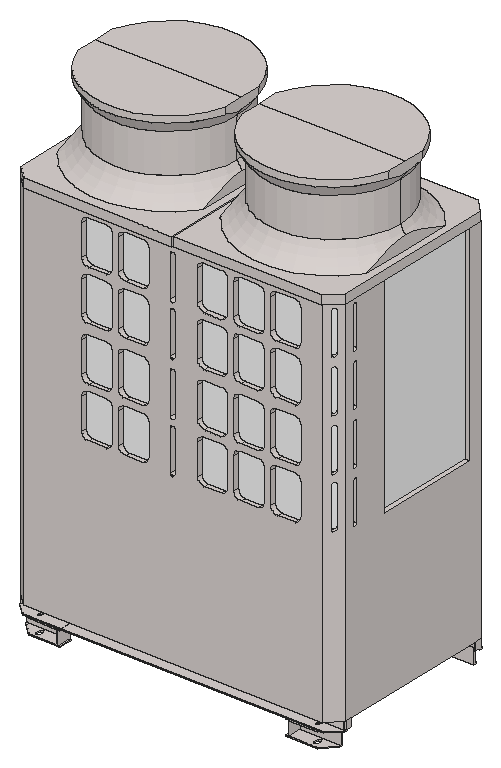
Revit family "PURY-EP450YNW-A1", category 機械設備, Revit 2016
Family settings
  パーツ タイプ = 標準
  丸型コネクタ寸法 = 半径を使用
  OmniClass 番号 = 23.75.00.00
  OmniClass タイトル = Climate Control (HVAC)
  作業面に基づく = いいえ
  常に垂直 = はい
  ロード時にボイドで切り取り = いいえ
  共有 = いいえ
  部屋の計算ポイント = いいえ
Parameters (values of type "PURY-EP450YNW-A1_415V_60Hz")
  モデル = "PURY-EP450YNW-A1"
  Width = 1240.000 mm
  WarrantyStart = ""
  Voltage = 415 V
  Unit Weight (kg) = 301
  URL = "http://www.mitsubishielectric.com/"
  製造元 = "Mitsubishi Electric Corporation"
  Temp. range of heating (Outdoor temp.) (W.B.) = "-20.0 to 15.5"
  Temp. range of heating (Indoor temp.) (D.B.) = "15.0 to 27.0"
  Temp. range of cooling (Outdoor temp.) (D.B.) = "-5.0 to 52.0"
  Temp. range of cooling (Indoor temp.) (W.B.) = "15.0 to 24.0"
  TagNumber = 0
  Subcategory = "HVAC"
  Space View = yes
  Sound Pressure Level (dB(A)) Heating mode = 70
  Sound Pressure Level (dB(A)) Cooling mode = 65.5
  SerialNumber = 0
  ReplacementYear = "0"
  Refrigerant type = "R410A"
  Refrigerant Charge (kg) = 10.8
  Protection Devices_Inverter circuit (COMP./FAN) = "Over-current protection"
  Protection Devices_High pressure (MPa) = "High pressure sensor, High pressure switch at 4.15"
  Phase = 3
  Outdoor unit Breaker size (A) = 60
  Note_1 = "Refrigerant pipe diameters may change depending on the installation condition. Please refer to the installation manual."
  Maximum Circuit Ampacity (A) = 34.6
  Low pressure pipe_radius = 14.290 mm
  InstallationDate = "0"
  Indoor Unit Total Capacity = "50 to 150% of outdoor unit capacity"
  Indoor Unit Model/Quantity = "P10 to P250/1 to 45"
  High pressure pipe_radius = 11.100 mm
  Hertz = 60 Hz
  Height = 1858.000 mm
  Heating SCOP (kW/kW) = 4.1
  Heating Rated Load Ampacity (A) = 22.5
  Heating Power Input (kW) = 14.62
  Heating Power Input (Nominal) (kW) = 12.16
  Heating Current Input (Nominal) (A) = 18.7
  Heating Current Input (A) = 22.5
  Heating Capacity (kW) = 56
  Heating Capacity (Nominal) (kW) = 50
  Heating Capacity (Max.) (kW) = 56
  Heating COP (kW/kW) = 3.83
  Heating COP (Nominal) (kW/kW) = 4.11
  Fan_Type = "Propeller Fan"
  Fan_Quantity = 2
  Fan Motor Output (kW) = 0.92
  External static pressure (Pa) = 0
  External Finish = "Pre-coated galvanized steel sheets (+powder coating for -BS type) <MUNSELL 5Y 8/1 or similar>"
  Equip_description = ""
  Equip_No. = 0
  Equip_ID = ""
  Description = ""
  Depth = 740.000 mm
  CreatedOn = ""
  CreatedBy = ""
  Cooling SEER (kW/kW) = 6.61
  Cooling Rated Load Ampacity (A) = 21.4
  Cooling Power Input (kW) = 13.85
  Cooling EER (kW/kW) = 3.61
  Cooling Current Input (A) = 21.4
  Cooling Capacity (kW) = 50
  Compressor_Type = "Inverter scroll hermetic compressor"
  Compressor_Quantity = 1
  Compressor_Lubricant = "MEL32"
  Compressor Motor Output (kW) = "11.7"
  Category = "0"
  Barcode = "0"
  AssetIdentifier = "0"
  Airflow Rate (m3/min) = 315
  Airflow Rate (m3/h) = 18900
Reference planes
  plane 1 "Center (Front/Back)": y = 0
  plane 2: z = 0
  plane 3 "Center (Left/Right)": x = 0
  plane 4: y = 370
  plane 5: z = 1858
  plane 6: y = -260
  plane 7: y = -204
  plane 8: y = -185
  plane 9: x = -620
  plane 10: x = 620
  plane 11: x = -620
  plane 12: z = 716
  plane 13: x = -524
  plane 14: z = 669
  plane 15: x = -50.5
  plane 16: x = 51
  plane 17: x = 489
  plane 18: x = 467
  plane 19 "132": x = 488
  plane 20 "100": z = 160
  plane 21: z = 185
  plane 22: x = 413
  plane 23: x = 364
  plane 24: z = 150
  plane 25: x = -287.25
  plane 26: x = -137.25
  plane 27: x = -272.25
  plane 28: y = -278
  plane 29: z = 1509
  plane 30: y = -370
  plane 31: x = -530
  plane 32: x = 530
  plane 33 "179": y = -191
Forms (mm)
  Extrusion 1, solid, material "Paint_5Y 8/1"
    sketch origin (-1, 0, 113) x (-1, 0, 0) y (0, -1, 0)
      loop
        line (569, -370) -> (619, -320) -> (619, 320) -> (569, 370) -> (-571, 370) -> (-621, 320) -> (-621, -320) -> (-571, -370) -> (569, -370)
    from -18 to 1408
  Extrusion 2, void
    sketch origin (524, -370, 113) x (1, 0, 0) y (0, 0, -1)
      loop
        arc (-60.8, -1393.5) -> (-42.557, -1385.943) -> (-35, -1367.7) r 25.8
        line (-35, -1367.7) -> (-35, -1248.5)
        arc (-35, -1248.5) -> (-42.557, -1230.257) -> (-60.8, -1222.7) r 25.8
        line (-60.8, -1222.7) -> (-126, -1222.7)
        arc (-126, -1222.7) -> (-144.243, -1230.257) -> (-151.8, -1248.5) r 25.8
        line (-151.8, -1248.5) -> (-151.8, -1367.7)
        arc (-151.8, -1367.7) -> (-144.243, -1385.943) -> (-126, -1393.5) r 25.8
        line (-126, -1393.5) -> (-60.8, -1393.5)
    from 0 to 20
  Extrusion 3, void
    sketch origin (524, -370, -81) x (1, 0, 0) y (0, 0, -1)
      loop
        arc (-60.8, -1393.5) -> (-42.557, -1385.943) -> (-35, -1367.7) r 25.8
        line (-35, -1367.7) -> (-35, -1248.5)
        arc (-35, -1248.5) -> (-42.557, -1230.257) -> (-60.8, -1222.7) r 25.8
        line (-60.8, -1222.7) -> (-126, -1222.7)
        arc (-126, -1222.7) -> (-144.243, -1230.257) -> (-151.8, -1248.5) r 25.8
        line (-151.8, -1248.5) -> (-151.8, -1367.7)
        arc (-151.8, -1367.7) -> (-144.243, -1385.943) -> (-126, -1393.5) r 25.8
        line (-126, -1393.5) -> (-60.8, -1393.5)
    from 0 to 20
  Extrusion 4, void
    sketch origin (524, -370, -287) x (1, 0, 0) y (0, 0, -1)
      loop
        arc (-60.8, -1393.5) -> (-42.557, -1385.943) -> (-35, -1367.7) r 25.8
        line (-35, -1367.7) -> (-35, -1248.5)
        arc (-35, -1248.5) -> (-42.557, -1230.257) -> (-60.8, -1222.7) r 25.8
        line (-60.8, -1222.7) -> (-126, -1222.7)
        arc (-126, -1222.7) -> (-144.243, -1230.257) -> (-151.8, -1248.5) r 25.8
        line (-151.8, -1248.5) -> (-151.8, -1367.7)
        arc (-151.8, -1367.7) -> (-144.243, -1385.943) -> (-126, -1393.5) r 25.8
        line (-126, -1393.5) -> (-60.8, -1393.5)
    from 0 to 20
  Extrusion 5, void
    sketch origin (524, -370, -481) x (1, 0, 0) y (0, 0, -1)
      loop
        arc (-60.8, -1393.5) -> (-42.557, -1385.943) -> (-35, -1367.7) r 25.8
        line (-35, -1367.7) -> (-35, -1248.5)
        arc (-35, -1248.5) -> (-42.557, -1230.257) -> (-60.8, -1222.7) r 25.8
        line (-60.8, -1222.7) -> (-126, -1222.7)
        arc (-126, -1222.7) -> (-144.243, -1230.257) -> (-151.8, -1248.5) r 25.8
        line (-151.8, -1248.5) -> (-151.8, -1367.7)
        arc (-151.8, -1367.7) -> (-144.243, -1385.943) -> (-126, -1393.5) r 25.8
        line (-126, -1393.5) -> (-60.8, -1393.5)
    from 0 to 20
  Extrusion 6, void
    sketch origin (384, -370, 113) x (1, 0, 0) y (0, 0, -1)
      loop
        arc (-60.8, -1393.5) -> (-42.557, -1385.943) -> (-35, -1367.7) r 25.8
        line (-35, -1367.7) -> (-35, -1248.5)
        arc (-35, -1248.5) -> (-42.557, -1230.257) -> (-60.8, -1222.7) r 25.8
        line (-60.8, -1222.7) -> (-126, -1222.7)
        arc (-126, -1222.7) -> (-144.243, -1230.257) -> (-151.8, -1248.5) r 25.8
        line (-151.8, -1248.5) -> (-151.8, -1367.7)
        arc (-151.8, -1367.7) -> (-144.243, -1385.943) -> (-126, -1393.5) r 25.8
        line (-126, -1393.5) -> (-60.8, -1393.5)
    from 0 to 20
  Extrusion 7, void
    sketch origin (384, -370, -81) x (1, 0, 0) y (0, 0, -1)
      loop
        arc (-60.8, -1393.5) -> (-42.557, -1385.943) -> (-35, -1367.7) r 25.8
        line (-35, -1367.7) -> (-35, -1248.5)
        arc (-35, -1248.5) -> (-42.557, -1230.257) -> (-60.8, -1222.7) r 25.8
        line (-60.8, -1222.7) -> (-126, -1222.7)
        arc (-126, -1222.7) -> (-144.243, -1230.257) -> (-151.8, -1248.5) r 25.8
        line (-151.8, -1248.5) -> (-151.8, -1367.7)
        arc (-151.8, -1367.7) -> (-144.243, -1385.943) -> (-126, -1393.5) r 25.8
        line (-126, -1393.5) -> (-60.8, -1393.5)
    from 0 to 20
  Extrusion 8, void
    sketch origin (384, -370, -287) x (1, 0, 0) y (0, 0, -1)
      loop
        arc (-60.8, -1393.5) -> (-42.557, -1385.943) -> (-35, -1367.7) r 25.8
        line (-35, -1367.7) -> (-35, -1248.5)
        arc (-35, -1248.5) -> (-42.557, -1230.257) -> (-60.8, -1222.7) r 25.8
        line (-60.8, -1222.7) -> (-126, -1222.7)
        arc (-126, -1222.7) -> (-144.243, -1230.257) -> (-151.8, -1248.5) r 25.8
        line (-151.8, -1248.5) -> (-151.8, -1367.7)
        arc (-151.8, -1367.7) -> (-144.243, -1385.943) -> (-126, -1393.5) r 25.8
        line (-126, -1393.5) -> (-60.8, -1393.5)
    from 0 to 20
  Extrusion 9, void
    sketch origin (384, -370, -481) x (1, 0, 0) y (0, 0, -1)
      loop
        arc (-60.8, -1393.5) -> (-42.557, -1385.943) -> (-35, -1367.7) r 25.8
        line (-35, -1367.7) -> (-35, -1248.5)
        arc (-35, -1248.5) -> (-42.557, -1230.257) -> (-60.8, -1222.7) r 25.8
        line (-60.8, -1222.7) -> (-126, -1222.7)
        arc (-126, -1222.7) -> (-144.243, -1230.257) -> (-151.8, -1248.5) r 25.8
        line (-151.8, -1248.5) -> (-151.8, -1367.7)
        arc (-151.8, -1367.7) -> (-144.243, -1385.943) -> (-126, -1393.5) r 25.8
        line (-126, -1393.5) -> (-60.8, -1393.5)
    from 0 to 20
  Extrusion 10, void
    sketch origin (244, -370, 113) x (1, 0, 0) y (0, 0, -1)
      loop
        arc (-60.8, -1393.5) -> (-42.557, -1385.943) -> (-35, -1367.7) r 25.8
        line (-35, -1367.7) -> (-35, -1248.5)
        arc (-35, -1248.5) -> (-42.557, -1230.257) -> (-60.8, -1222.7) r 25.8
        line (-60.8, -1222.7) -> (-126, -1222.7)
        arc (-126, -1222.7) -> (-144.243, -1230.257) -> (-151.8, -1248.5) r 25.8
        line (-151.8, -1248.5) -> (-151.8, -1367.7)
        arc (-151.8, -1367.7) -> (-144.243, -1385.943) -> (-126, -1393.5) r 25.8
        line (-126, -1393.5) -> (-60.8, -1393.5)
    from 0 to 20
  Extrusion 11, void
    sketch origin (244, -370, -81) x (1, 0, 0) y (0, 0, -1)
      loop
        arc (-60.8, -1393.5) -> (-42.557, -1385.943) -> (-35, -1367.7) r 25.8
        line (-35, -1367.7) -> (-35, -1248.5)
        arc (-35, -1248.5) -> (-42.557, -1230.257) -> (-60.8, -1222.7) r 25.8
        line (-60.8, -1222.7) -> (-126, -1222.7)
        arc (-126, -1222.7) -> (-144.243, -1230.257) -> (-151.8, -1248.5) r 25.8
        line (-151.8, -1248.5) -> (-151.8, -1367.7)
        arc (-151.8, -1367.7) -> (-144.243, -1385.943) -> (-126, -1393.5) r 25.8
        line (-126, -1393.5) -> (-60.8, -1393.5)
    from 0 to 20
  Extrusion 12, void
    sketch origin (244, -370, -287) x (1, 0, 0) y (0, 0, -1)
      loop
        arc (-60.8, -1393.5) -> (-42.557, -1385.943) -> (-35, -1367.7) r 25.8
        line (-35, -1367.7) -> (-35, -1248.5)
        arc (-35, -1248.5) -> (-42.557, -1230.257) -> (-60.8, -1222.7) r 25.8
        line (-60.8, -1222.7) -> (-126, -1222.7)
        arc (-126, -1222.7) -> (-144.243, -1230.257) -> (-151.8, -1248.5) r 25.8
        line (-151.8, -1248.5) -> (-151.8, -1367.7)
        arc (-151.8, -1367.7) -> (-144.243, -1385.943) -> (-126, -1393.5) r 25.8
        line (-126, -1393.5) -> (-60.8, -1393.5)
    from 0 to 20
  Extrusion 13, void
    sketch origin (244, -370, -481) x (1, 0, 0) y (0, 0, -1)
      loop
        arc (-60.8, -1393.5) -> (-42.557, -1385.943) -> (-35, -1367.7) r 25.8
        line (-35, -1367.7) -> (-35, -1248.5)
        arc (-35, -1248.5) -> (-42.557, -1230.257) -> (-60.8, -1222.7) r 25.8
        line (-60.8, -1222.7) -> (-126, -1222.7)
        arc (-126, -1222.7) -> (-144.243, -1230.257) -> (-151.8, -1248.5) r 25.8
        line (-151.8, -1248.5) -> (-151.8, -1367.7)
        arc (-151.8, -1367.7) -> (-144.243, -1385.943) -> (-126, -1393.5) r 25.8
        line (-126, -1393.5) -> (-60.8, -1393.5)
    from 0 to 20
  Extrusion 14, void
    sketch origin (-56, -370, 113) x (1, 0, 0) y (0, 0, -1)
      loop
        arc (-60.8, -1393.5) -> (-42.557, -1385.943) -> (-35, -1367.7) r 25.8
        line (-35, -1367.7) -> (-35, -1248.5)
        arc (-35, -1248.5) -> (-42.557, -1230.257) -> (-60.8, -1222.7) r 25.8
        line (-60.8, -1222.7) -> (-126, -1222.7)
        arc (-126, -1222.7) -> (-144.243, -1230.257) -> (-151.8, -1248.5) r 25.8
        line (-151.8, -1248.5) -> (-151.8, -1367.7)
        arc (-151.8, -1367.7) -> (-144.243, -1385.943) -> (-126, -1393.5) r 25.8
        line (-126, -1393.5) -> (-60.8, -1393.5)
    from 0 to 20
  Extrusion 15, void
    sketch origin (-56, -370, -81) x (1, 0, 0) y (0, 0, -1)
      loop
        arc (-60.8, -1393.5) -> (-42.557, -1385.943) -> (-35, -1367.7) r 25.8
        line (-35, -1367.7) -> (-35, -1248.5)
        arc (-35, -1248.5) -> (-42.557, -1230.257) -> (-60.8, -1222.7) r 25.8
        line (-60.8, -1222.7) -> (-126, -1222.7)
        arc (-126, -1222.7) -> (-144.243, -1230.257) -> (-151.8, -1248.5) r 25.8
        line (-151.8, -1248.5) -> (-151.8, -1367.7)
        arc (-151.8, -1367.7) -> (-144.243, -1385.943) -> (-126, -1393.5) r 25.8
        line (-126, -1393.5) -> (-60.8, -1393.5)
    from 0 to 20
  Extrusion 16, void
    sketch origin (-56, -370, -287) x (1, 0, 0) y (0, 0, -1)
      loop
        arc (-60.8, -1393.5) -> (-42.557, -1385.943) -> (-35, -1367.7) r 25.8
        line (-35, -1367.7) -> (-35, -1248.5)
        arc (-35, -1248.5) -> (-42.557, -1230.257) -> (-60.8, -1222.7) r 25.8
        line (-60.8, -1222.7) -> (-126, -1222.7)
        arc (-126, -1222.7) -> (-144.243, -1230.257) -> (-151.8, -1248.5) r 25.8
        line (-151.8, -1248.5) -> (-151.8, -1367.7)
        arc (-151.8, -1367.7) -> (-144.243, -1385.943) -> (-126, -1393.5) r 25.8
        line (-126, -1393.5) -> (-60.8, -1393.5)
    from 0 to 20
  Extrusion 17, void
    sketch origin (-56, -370, -481) x (1, 0, 0) y (0, 0, -1)
      loop
        arc (-60.8, -1393.5) -> (-42.557, -1385.943) -> (-35, -1367.7) r 25.8
        line (-35, -1367.7) -> (-35, -1248.5)
        arc (-35, -1248.5) -> (-42.557, -1230.257) -> (-60.8, -1222.7) r 25.8
        line (-60.8, -1222.7) -> (-126, -1222.7)
        arc (-126, -1222.7) -> (-144.243, -1230.257) -> (-151.8, -1248.5) r 25.8
        line (-151.8, -1248.5) -> (-151.8, -1367.7)
        arc (-151.8, -1367.7) -> (-144.243, -1385.943) -> (-126, -1393.5) r 25.8
        line (-126, -1393.5) -> (-60.8, -1393.5)
    from 0 to 20
  Extrusion 18, void
    sketch origin (-196, -370, 113) x (1, 0, 0) y (0, 0, -1)
      loop
        arc (-60.8, -1393.5) -> (-42.557, -1385.943) -> (-35, -1367.7) r 25.8
        line (-35, -1367.7) -> (-35, -1248.5)
        arc (-35, -1248.5) -> (-42.557, -1230.257) -> (-60.8, -1222.7) r 25.8
        line (-60.8, -1222.7) -> (-126, -1222.7)
        arc (-126, -1222.7) -> (-144.243, -1230.257) -> (-151.8, -1248.5) r 25.8
        line (-151.8, -1248.5) -> (-151.8, -1367.7)
        arc (-151.8, -1367.7) -> (-144.243, -1385.943) -> (-126, -1393.5) r 25.8
        line (-126, -1393.5) -> (-60.8, -1393.5)
    from 0 to 20
  Extrusion 19, void
    sketch origin (-196, -370, -81) x (1, 0, 0) y (0, 0, -1)
      loop
        arc (-60.8, -1393.5) -> (-42.557, -1385.943) -> (-35, -1367.7) r 25.8
        line (-35, -1367.7) -> (-35, -1248.5)
        arc (-35, -1248.5) -> (-42.557, -1230.257) -> (-60.8, -1222.7) r 25.8
        line (-60.8, -1222.7) -> (-126, -1222.7)
        arc (-126, -1222.7) -> (-144.243, -1230.257) -> (-151.8, -1248.5) r 25.8
        line (-151.8, -1248.5) -> (-151.8, -1367.7)
        arc (-151.8, -1367.7) -> (-144.243, -1385.943) -> (-126, -1393.5) r 25.8
        line (-126, -1393.5) -> (-60.8, -1393.5)
    from 0 to 20
  Extrusion 20, void
    sketch origin (-196, -370, -287) x (1, 0, 0) y (0, 0, -1)
      loop
        arc (-60.8, -1393.5) -> (-42.557, -1385.943) -> (-35, -1367.7) r 25.8
        line (-35, -1367.7) -> (-35, -1248.5)
        arc (-35, -1248.5) -> (-42.557, -1230.257) -> (-60.8, -1222.7) r 25.8
        line (-60.8, -1222.7) -> (-126, -1222.7)
        arc (-126, -1222.7) -> (-144.243, -1230.257) -> (-151.8, -1248.5) r 25.8
        line (-151.8, -1248.5) -> (-151.8, -1367.7)
        arc (-151.8, -1367.7) -> (-144.243, -1385.943) -> (-126, -1393.5) r 25.8
        line (-126, -1393.5) -> (-60.8, -1393.5)
    from 0 to 20
  Extrusion 21, void
    sketch origin (-196, -370, -481) x (1, 0, 0) y (0, 0, -1)
      loop
        arc (-60.8, -1393.5) -> (-42.557, -1385.943) -> (-35, -1367.7) r 25.8
        line (-35, -1367.7) -> (-35, -1248.5)
        arc (-35, -1248.5) -> (-42.557, -1230.257) -> (-60.8, -1222.7) r 25.8
        line (-60.8, -1222.7) -> (-126, -1222.7)
        arc (-126, -1222.7) -> (-144.243, -1230.257) -> (-151.8, -1248.5) r 25.8
        line (-151.8, -1248.5) -> (-151.8, -1367.7)
        arc (-151.8, -1367.7) -> (-144.243, -1385.943) -> (-126, -1393.5) r 25.8
        line (-126, -1393.5) -> (-60.8, -1393.5)
    from 0 to 20
  Extrusion 22, void
    sketch origin (620, 320, 113) x (0, 1, 0) y (0, 0, -1)
      loop
        line (-462.3, -1408) -> (-50.8, -1408) -> (-50.8, -612) -> (-462.3, -612) -> (-462.3, -1408)
    from 0 to 20
  Extrusion 23, void
    sketch origin (-620, -320, 113) x (0, -1, 0) y (0, 0, -1)
      loop
        line (-535.7, -1408) -> (-207.7, -1408) -> (-207.7, -592) -> (-535.7, -592) -> (-535.7, -1408)
    from 0 to 20
  Extrusion 24, void
    sketch origin (194.892, 370, 113) x (-1, 0, 0) y (0, 0, -1)
      loop
        arc (204.892, -1225.013) -> (194.892, -1215.013) -> (184.892, -1225.013) r 10
        line (184.892, -1225.013) -> (184.892, -1379.987)
        arc (184.892, -1379.987) -> (194.892, -1389.987) -> (204.892, -1379.987) r 10
        line (204.892, -1379.987) -> (204.892, -1225.013)
      loop
        arc (204.892, -1031.013) -> (194.892, -1021.013) -> (184.892, -1031.013) r 10
        line (184.892, -1031.013) -> (184.892, -1185.987)
        arc (184.892, -1185.987) -> (194.892, -1195.987) -> (204.892, -1185.987) r 10
        line (204.892, -1185.987) -> (204.892, -1031.013)
      loop
        arc (204.892, -825.013) -> (194.892, -815.013) -> (184.892, -825.013) r 10
        line (184.892, -825.013) -> (184.892, -979.987)
        arc (184.892, -979.987) -> (194.892, -989.987) -> (204.892, -979.987) r 10
        line (204.892, -979.987) -> (204.892, -825.013)
      loop
        arc (204.892, -631.013) -> (194.892, -621.013) -> (184.892, -631.013) r 10
        line (184.892, -631.013) -> (184.892, -785.987)
        arc (184.892, -785.987) -> (194.892, -795.987) -> (204.892, -785.987) r 10
        line (204.892, -785.987) -> (204.892, -631.013)
    from 0 to 20
  Extrusion 25, void
    sketch origin (-570, 370, 113) x (0.707107, 0.707107, 0) y (0, 0, 1)
      loop
        arc (-45.355, 1236) -> (-35.355, 1226) -> (-25.355, 1236) r 10
        line (-25.355, 1236) -> (-25.355, 1386)
        arc (-25.355, 1386) -> (-35.355, 1396) -> (-45.355, 1386) r 10
        line (-45.355, 1386) -> (-45.355, 1236)
      loop
        arc (-45.355, 1036) -> (-35.355, 1026) -> (-25.355, 1036) r 10
        line (-25.355, 1036) -> (-25.355, 1186)
        arc (-25.355, 1186) -> (-35.355, 1196) -> (-45.355, 1186) r 10
        line (-45.355, 1186) -> (-45.355, 1036)
      loop
        arc (-45.355, 836) -> (-35.355, 826) -> (-25.355, 836) r 10
        line (-25.355, 836) -> (-25.355, 986)
        arc (-25.355, 986) -> (-35.355, 996) -> (-45.355, 986) r 10
        line (-45.355, 986) -> (-45.355, 836)
      loop
        arc (-45.355, 641) -> (-35.355, 631) -> (-25.355, 641) r 10
        line (-25.355, 641) -> (-25.355, 791)
        arc (-25.355, 791) -> (-35.355, 801) -> (-45.355, 791) r 10
        line (-45.355, 791) -> (-45.355, 641)
    from 0 to 20
  Extrusion 26, void
    sketch origin (-620, -320, 113) x (0, -1, 0) y (0, 0, -1)
      loop
        line (-607.846, -1035.895) -> (-607.846, -1186.105)
        arc (-607.846, -1186.105) -> (-597.846, -1196.105) -> (-587.846, -1186.105) r 10
        line (-587.846, -1186.105) -> (-587.846, -1035.895)
        arc (-587.846, -1035.895) -> (-597.846, -1025.895) -> (-607.846, -1035.895) r 10
      loop
        line (-607.846, -835.895) -> (-607.846, -986.105)
        arc (-607.846, -986.105) -> (-597.846, -996.105) -> (-587.846, -986.105) r 10
        line (-587.846, -986.105) -> (-587.846, -835.895)
        arc (-587.846, -835.895) -> (-597.846, -825.895) -> (-607.846, -835.895) r 10
      loop
        line (-607.846, -1235.895) -> (-607.846, -1386.105)
        arc (-607.846, -1386.105) -> (-597.846, -1396.105) -> (-587.846, -1386.105) r 10
        line (-587.846, -1386.105) -> (-587.846, -1235.895)
        arc (-587.846, -1235.895) -> (-597.846, -1225.895) -> (-607.846, -1235.895) r 10
      loop
        line (-607.846, -635.895) -> (-607.846, -786.105)
        arc (-607.846, -786.105) -> (-597.846, -796.105) -> (-587.846, -786.105) r 10
        line (-587.846, -786.105) -> (-587.846, -635.895)
        arc (-587.846, -635.895) -> (-597.846, -625.895) -> (-607.846, -635.895) r 10
    from 0 to 20
  Extrusion 27, void
    sketch origin (1079, -370, 113) x (1, 0, 0) y (0, 0, -1)
      loop
        arc (-1089, -1379.975) -> (-1079, -1389.975) -> (-1069, -1379.975) r 10
        line (-1069, -1379.975) -> (-1069, -1225)
        arc (-1069, -1225) -> (-1079, -1215) -> (-1089, -1225) r 10
        line (-1089, -1225) -> (-1089, -1379.975)
      loop
        arc (-1089, -1185.975) -> (-1079, -1195.975) -> (-1069, -1185.975) r 10
        line (-1069, -1185.975) -> (-1069, -1031)
        arc (-1069, -1031) -> (-1079, -1021) -> (-1089, -1031) r 10
        line (-1089, -1031) -> (-1089, -1185.975)
      loop
        arc (-1089, -979.975) -> (-1079, -989.975) -> (-1069, -979.975) r 10
        line (-1069, -979.975) -> (-1069, -825)
        arc (-1069, -825) -> (-1079, -815) -> (-1089, -825) r 10
        line (-1089, -825) -> (-1089, -979.975)
      loop
        arc (-1089, -785.975) -> (-1079, -795.975) -> (-1069, -785.975) r 10
        line (-1069, -785.975) -> (-1069, -631)
        arc (-1069, -631) -> (-1079, -621) -> (-1089, -631) r 10
        line (-1089, -631) -> (-1089, -785.975)
    from 0 to 20
  Extrusion 28, void
    sketch origin (-571, 370, 113) x (-1, 0, 0) y (0, 0, -1)
      loop
        line (-519.5, -1408) -> (-48, -1408) -> (-48, -556) -> (-519.5, -556) -> (-519.5, -1408)
    from 0 to 20
  Extrusion 29, void
    sketch origin (-571, 370, 113) x (-1, 0, 0) y (0, 0, -1)
      loop
        line (-1038, -1408) -> (-622, -1408) -> (-622, -556) -> (-1038, -556) -> (-1038, -1408)
    from 0 to 20
  Extrusion 30, void
    sketch origin (620, 320, 113) x (0, 1, 0) y (0, 0, -1)
      loop
        arc (-588, -1035.791) -> (-598, -1025.791) -> (-608, -1035.791) r 10
        line (-608, -1035.791) -> (-608, -1186)
        arc (-608, -1186) -> (-598, -1196) -> (-588, -1186) r 10
        line (-588, -1186) -> (-588, -1035.791)
      loop
        arc (-588, -835.791) -> (-598, -825.791) -> (-608, -835.791) r 10
        line (-608, -835.791) -> (-608, -986)
        arc (-608, -986) -> (-598, -996) -> (-588, -986) r 10
        line (-588, -986) -> (-588, -835.791)
      loop
        arc (-588, -1235.791) -> (-598, -1225.791) -> (-608, -1235.791) r 10
        line (-608, -1235.791) -> (-608, -1386)
        arc (-608, -1386) -> (-598, -1396) -> (-588, -1386) r 10
        line (-588, -1386) -> (-588, -1235.791)
      loop
        arc (-588, -635.791) -> (-598, -625.791) -> (-608, -635.791) r 10
        line (-608, -635.791) -> (-608, -786)
        arc (-608, -786) -> (-598, -796) -> (-588, -786) r 10
        line (-588, -786) -> (-588, -635.791)
    from 0 to 20
  Extrusion 31, void
    sketch origin (1291.751, 351.751, 113) x (0.707107, 0.707107, 0) y (0, 0, -1)
      loop
        line (-995.311, -1236) -> (-995.311, -1386)
        arc (-995.311, -1386) -> (-985.311, -1396) -> (-975.311, -1386) r 10
        line (-975.311, -1386) -> (-975.311, -1236)
        arc (-975.311, -1236) -> (-985.311, -1226) -> (-995.311, -1236) r 10
      loop
        line (-995.311, -1036) -> (-995.311, -1186)
        arc (-995.311, -1186) -> (-985.311, -1196) -> (-975.311, -1186) r 10
        line (-975.311, -1186) -> (-975.311, -1036)
        arc (-975.311, -1036) -> (-985.311, -1026) -> (-995.311, -1036) r 10
      loop
        line (-995.311, -836) -> (-995.311, -986)
        arc (-995.311, -986) -> (-985.311, -996) -> (-975.311, -986) r 10
        line (-975.311, -986) -> (-975.311, -836)
        arc (-975.311, -836) -> (-985.311, -826) -> (-995.311, -836) r 10
      loop
        line (-995.311, -641) -> (-995.311, -791)
        arc (-995.311, -791) -> (-985.311, -801) -> (-975.311, -791) r 10
        line (-975.311, -791) -> (-975.311, -641)
        arc (-975.311, -641) -> (-985.311, -631) -> (-995.311, -641) r 10
    from 0 to 20
  Extrusion 32, void
    sketch origin (0, -191, 0) x (-1, 0, 0) y (0, 0, 1)
      loop
        circle (460, 176) r 11.1
    from 0 to 78.7
  Extrusion 33, void
    sketch origin (0, -191, 0) x (-1, 0, 0) y (0, 0, 1)
      loop
        circle (377, 176) r 14.29
    from 0 to 78.7
Cuts and joins
  Extrusion 2, Extrusion 3, Extrusion 4, Extrusion 5, Extrusion 6, Extrusion 7, Extrusion 8, Extrusion 9, Extrusion 10, Extrusion 11, Extrusion 12, Extrusion 13, Extrusion 14, Extrusion 15, Extrusion 16, Extrusion 17, Extrusion 18, Extrusion 19, Extrusion 20, Extrusion 21, Extrusion 22, Extrusion 23, Extrusion 24, Extrusion 25, Extrusion 26, Extrusion 27, Extrusion 28, Extrusion 29, Extrusion 30, Extrusion 31, Extrusion 32, Extrusion 33 cuts Extrusion 1
Lines and regions (mm)
  model lines
    curve 1: line (-351, -291, 95) -> (-481, -291, 95)
    curve 2: line (-342, -206, 95) -> (-342, -282, 95)
    curve 3: line (-481, -197, 95) -> (-351, -197, 95)
    curve 4: line (-492, -280, 95) -> (-492, -208, 95)
    curve 5: arc (-492, -280, 95) -> (-488.778, -287.778, 95) -> (-481, -291, 95) r 11
    curve 6: arc (-351, -291, 95) -> (-344.636, -288.364, 95) -> (-342, -282, 95) r 9
    curve 7: arc (-342, -206, 95) -> (-344.636, -199.636, 95) -> (-351, -197, 95) r 9
    curve 8: arc (-481, -197, 95) -> (-488.778, -200.222, 95) -> (-492, -208, 95) r 11
    curve 9: line (-30, -370, 1521) -> (-30, -370, 95)
    curve 10: line (30, -370, 1521) -> (30, -370, 95)
    curve 11: line (-485, -370, 215) -> (-357, -370, 215)
    curve 12: line (-495, -370, 141) -> (-495, -370, 205)
    curve 13: line (-357, -370, 131) -> (-485, -370, 131)
    curve 14: line (-347, -370, 205) -> (-347, -370, 141)
    curve 15: arc (-485, -370, 215) -> (-492.071, -370, 212.071) -> (-495, -370, 205) r 10
    curve 16: arc (-495, -370, 141) -> (-492.071, -370, 133.929) -> (-485, -370, 131) r 10
    curve 17: arc (-357, -370, 131) -> (-349.929, -370, 133.929) -> (-347, -370, 141) r 10
    curve 18: arc (-347, -370, 205) -> (-349.929, -370, 212.071) -> (-357, -370, 215) r 10
    curve 19: line (-405, -370, 1521) -> (-405, -370, 716)
    curve 20: line (620, -162.3, 1521) -> (620, -162.3, 95)
    curve 21: line (620, 289.2, 1521) -> (620, 289.2, 95)
    curve 22: line (620, -162.3, 705) -> (620, 289.2, 705)
    curve 23: line (620, -162.3, 725) -> (620, 289.2, 725)
    curve 24: line (620, -76.8, 583) -> (620, 203.2, 583)
    curve 25: line (620, 203.2, 563) -> (620, -76.8, 563)
    curve 26: arc (620, -76.8, 583) -> (620, -83.871, 580.071) -> (620, -86.8, 573) r 10
    curve 27: arc (620, -76.8, 563) -> (620, -83.871, 565.929) -> (620, -86.8, 573) r 10
    curve 28: arc (620, 203.2, 583) -> (620, 210.271, 580.071) -> (620, 213.2, 573) r 10
    curve 29: arc (620, 203.2, 563) -> (620, 210.271, 565.929) -> (620, 213.2, 573) r 10
    curve 30: line (620, -76.8, 478) -> (620, 203.2, 478)
    curve 31: line (620, 203.2, 458) -> (620, -76.8, 458)
    curve 32: arc (620, -76.8, 478) -> (620, -83.871, 475.071) -> (620, -86.8, 468) r 10
    curve 33: arc (620, -76.8, 458) -> (620, -83.871, 460.929) -> (620, -86.8, 468) r 10
    curve 34: arc (620, 203.2, 478) -> (620, 210.271, 475.071) -> (620, 213.2, 468) r 10
    curve 35: arc (620, 203.2, 458) -> (620, 210.271, 460.929) -> (620, 213.2, 468) r 10
    curve 36: line (620, -76.8, 373) -> (620, 203.2, 373)
    curve 37: line (620, 203.2, 353) -> (620, -76.8, 353)
    curve 38: arc (620, -76.8, 373) -> (620, -83.871, 370.071) -> (620, -86.8, 363) r 10
    curve 39: arc (620, -76.8, 353) -> (620, -83.871, 355.929) -> (620, -86.8, 363) r 10
    curve 40: arc (620, 203.2, 373) -> (620, 210.271, 370.071) -> (620, 213.2, 363) r 10
    curve 41: arc (620, 203.2, 353) -> (620, 210.271, 355.929) -> (620, 213.2, 363) r 10
    curve 42: line (620, -76.8, 268) -> (620, 203.2, 268)
    curve 43: line (620, 203.2, 248) -> (620, -76.8, 248)
    curve 44: arc (620, -76.8, 268) -> (620, -83.871, 265.071) -> (620, -86.8, 258) r 10
    curve 45: arc (620, -76.8, 248) -> (620, -83.871, 250.929) -> (620, -86.8, 258) r 10
    curve 46: arc (620, 203.2, 268) -> (620, 210.271, 265.071) -> (620, 213.2, 258) r 10
    curve 47: arc (620, 203.2, 248) -> (620, 210.271, 250.929) -> (620, 213.2, 258) r 10
    curve 48: line (-620, -162.3, 1521) -> (-620, -162.3, 95)
    curve 49: line (-620, 235.7, 1521) -> (-620, 235.7, 95)
    curve 50: line (-620, -112.3, 1521) -> (-620, -112.3, 705)
    curve 51: line (-620, 215.7, 1521) -> (-620, 215.7, 705)
    curve 52: line (-620, 235.7, 705) -> (-620, -162.3, 705)
    curve 53: line (-620, 176.7, 268) -> (-620, -103.3, 268)
    curve 54: line (-620, -103.3, 248) -> (-620, 176.7, 248)
    curve 55: arc (-620, 186.7, 258) -> (-620, 183.771, 265.071) -> (-620, 176.7, 268) r 10
    curve 56: arc (-620, 176.7, 248) -> (-620, 183.771, 250.929) -> (-620, 186.7, 258) r 10
    curve 57: arc (-620, -103.3, 268) -> (-620, -110.371, 265.071) -> (-620, -113.3, 258) r 10
    curve 58: arc (-620, -113.3, 258) -> (-620, -110.371, 250.929) -> (-620, -103.3, 248) r 10
    curve 59: line (-620, 176.7, 373) -> (-620, -103.3, 373)
    curve 60: line (-620, -103.3, 353) -> (-620, 176.7, 353)
    curve 61: arc (-620, 186.7, 363) -> (-620, 183.771, 370.071) -> (-620, 176.7, 373) r 10
    curve 62: arc (-620, 176.7, 353) -> (-620, 183.771, 355.929) -> (-620, 186.7, 363) r 10
    curve 63: arc (-620, -103.3, 373) -> (-620, -110.371, 370.071) -> (-620, -113.3, 363) r 10
    curve 64: arc (-620, -113.3, 363) -> (-620, -110.371, 355.929) -> (-620, -103.3, 353) r 10
    curve 65: line (-620, 176.7, 478) -> (-620, -103.3, 478)
    curve 66: line (-620, -103.3, 458) -> (-620, 176.7, 458)
    curve 67: arc (-620, 186.7, 468) -> (-620, 183.771, 475.071) -> (-620, 176.7, 478) r 10
    curve 68: arc (-620, 176.7, 458) -> (-620, 183.771, 460.929) -> (-620, 186.7, 468) r 10
    curve 69: arc (-620, -103.3, 478) -> (-620, -110.371, 475.071) -> (-620, -113.3, 468) r 10
    curve 70: arc (-620, -113.3, 468) -> (-620, -110.371, 460.929) -> (-620, -103.3, 458) r 10
    curve 71: line (-620, 176.7, 583) -> (-620, -103.3, 583)
    curve 72: line (-620, -103.3, 563) -> (-620, 176.7, 563)
    curve 73: arc (-620, 186.7, 573) -> (-620, 183.771, 580.071) -> (-620, 176.7, 583) r 10
    curve 74: arc (-620, 176.7, 563) -> (-620, 183.771, 565.929) -> (-620, 186.7, 573) r 10
    curve 75: arc (-620, -103.3, 583) -> (-620, -110.371, 580.071) -> (-620, -113.3, 573) r 10
    curve 76: arc (-620, -113.3, 573) -> (-620, -110.371, 565.929) -> (-620, -103.3, 563) r 10
    curve 77: line (-544, 370, 1521) -> (-544, 370, 95)
    curve 78: line (489, 370, 649) -> (30, 370, 649)
    curve 79: line (-30.5, 370, 649) -> (-544, 370, 649)
    curve 80: line (-147.25, 370, 584) -> (-427.25, 370, 584)
    curve 81: line (-427.25, 370, 564) -> (-147.25, 370, 564)
    curve 82: arc (-137.25, 370, 574) -> (-140.179, 370, 581.071) -> (-147.25, 370, 584) r 10
    curve 83: arc (-147.25, 370, 564) -> (-140.179, 370, 566.929) -> (-137.25, 370, 574) r 10
    curve 84: arc (-427.25, 370, 584) -> (-434.321, 370, 581.071) -> (-437.25, 370, 574) r 10
    curve 85: arc (-437.25, 370, 574) -> (-434.321, 370, 566.929) -> (-427.25, 370, 564) r 10
    curve 86: circle (448, -185, 1521) r 15 normal (0, 0, 1)
    curve 87: circle (468, -185, 95) r 26 normal (0, 0, 1)
    curve 88: circle (448, -260, 95) r 32.5 normal (0, 0, 1)
    curve 89: circle (404, -204, 95) r 17 normal (0, 0, 1)
    curve 90: line (-550, -370, 1521) -> (-550, -370, 95)
    curve 91: line (-550, -370, 716) -> (-30, -370, 716)
    curve 92: line (550, -370, 95) -> (550, -370, 1521)
    curve 93: line (30, -370, 716) -> (550, -370, 716)
    curve 94: line (-30.5, 370, 1521) -> (-30.5, 370, 95)
    curve 95: line (30, 370, 1521) -> (30, 370, 95)
    curve 96: line (489, 370, 1521) -> (489, 370, 95)
    curve 97: line (467, 370, 669) -> (467, 370, 649)
    curve 98: line (-352, -370, 223) -> (-550, -370, 223)
    curve 99: line (-342, -370, 213) -> (-342, -370, 95)
    curve 100: arc (-342, -370, 213) -> (-344.929, -370, 220.071) -> (-352, -370, 223) r 10
    curve 101: circle (488, -370, 160) r 32.5 normal (0, -1, 0)
    curve 102: circle (488, -370, 160) r 20 normal (0, -1, 0)
    curve 103: circle (364, -370, 150) r 17 normal (0, -1, 0)
    curve 104: circle (413, -370, 185) r 26 normal (0, -1, 0)
    curve 105: circle (413, -370, 185) r 13.5 normal (0, -1, 0)
    curve 106: line (352, -370, 223) -> (550, -370, 223)
    curve 107: line (342, -370, 213) -> (342, -370, 95)
    curve 108: arc (342, -370, 213) -> (344.929, -370, 220.071) -> (352, -370, 223) r 10
    curve 109: line (-147.25, 370, 479) -> (-427.25, 370, 479)
    curve 110: line (-427.25, 370, 459) -> (-147.25, 370, 459)
    curve 111: arc (-137.25, 370, 469) -> (-140.179, 370, 476.071) -> (-147.25, 370, 479) r 10
    curve 112: arc (-147.25, 370, 459) -> (-140.179, 370, 461.929) -> (-137.25, 370, 469) r 10
    curve 113: arc (-427.25, 370, 479) -> (-434.321, 370, 476.071) -> (-437.25, 370, 469) r 10
    curve 114: arc (-437.25, 370, 469) -> (-434.321, 370, 461.929) -> (-427.25, 370, 459) r 10
    curve 115: line (-147.25, 370, 374) -> (-427.25, 370, 374)
    curve 116: line (-427.25, 370, 354) -> (-147.25, 370, 354)
    curve 117: arc (-137.25, 370, 364) -> (-140.179, 370, 371.071) -> (-147.25, 370, 374) r 10
    curve 118: arc (-147.25, 370, 354) -> (-140.179, 370, 356.929) -> (-137.25, 370, 364) r 10
    curve 119: arc (-427.25, 370, 374) -> (-434.321, 370, 371.071) -> (-437.25, 370, 364) r 10
    curve 120: arc (-437.25, 370, 364) -> (-434.321, 370, 356.929) -> (-427.25, 370, 354) r 10
    curve 121: line (-147.25, 370, 269) -> (-427.25, 370, 269)
    curve 122: line (-427.25, 370, 249) -> (-147.25, 370, 249)
    curve 123: arc (-137.25, 370, 259) -> (-140.179, 370, 266.071) -> (-147.25, 370, 269) r 10
    curve 124: arc (-147.25, 370, 249) -> (-140.179, 370, 251.929) -> (-137.25, 370, 259) r 10
    curve 125: arc (-427.25, 370, 269) -> (-434.321, 370, 266.071) -> (-437.25, 370, 259) r 10
    curve 126: arc (-437.25, 370, 259) -> (-434.321, 370, 251.929) -> (-427.25, 370, 249) r 10
    curve 127: line (399.5, 370, 584) -> (119.5, 370, 584)
    curve 128: line (119.5, 370, 564) -> (399.5, 370, 564)
    curve 129: arc (409.5, 370, 574) -> (406.571, 370, 581.071) -> (399.5, 370, 584) r 10
    curve 130: arc (399.5, 370, 564) -> (406.571, 370, 566.929) -> (409.5, 370, 574) r 10
    curve 131: arc (119.5, 370, 584) -> (112.429, 370, 581.071) -> (109.5, 370, 574) r 10
    curve 132: arc (109.5, 370, 574) -> (112.429, 370, 566.929) -> (119.5, 370, 564) r 10
    curve 133: line (399.5, 370, 479) -> (119.5, 370, 479)
    curve 134: line (119.5, 370, 459) -> (399.5, 370, 459)
    curve 135: arc (409.5, 370, 469) -> (406.571, 370, 476.071) -> (399.5, 370, 479) r 10
    curve 136: arc (399.5, 370, 459) -> (406.571, 370, 461.929) -> (409.5, 370, 469) r 10
    curve 137: arc (119.5, 370, 479) -> (112.429, 370, 476.071) -> (109.5, 370, 469) r 10
    curve 138: arc (109.5, 370, 469) -> (112.429, 370, 461.929) -> (119.5, 370, 459) r 10
    curve 139: line (399.5, 370, 374) -> (119.5, 370, 374)
    curve 140: line (119.5, 370, 354) -> (399.5, 370, 354)
    curve 141: arc (409.5, 370, 364) -> (406.571, 370, 371.071) -> (399.5, 370, 374) r 10
    curve 142: arc (399.5, 370, 354) -> (406.571, 370, 356.929) -> (409.5, 370, 364) r 10
    curve 143: arc (119.5, 370, 374) -> (112.429, 370, 371.071) -> (109.5, 370, 364) r 10
    curve 144: arc (109.5, 370, 364) -> (112.429, 370, 356.929) -> (119.5, 370, 354) r 10
    curve 145: line (399.5, 370, 269) -> (119.5, 370, 269)
    curve 146: line (119.5, 370, 249) -> (399.5, 370, 249)
    curve 147: arc (409.5, 370, 259) -> (406.571, 370, 266.071) -> (399.5, 370, 269) r 10
    curve 148: arc (399.5, 370, 249) -> (406.571, 370, 251.929) -> (409.5, 370, 259) r 10
    curve 149: arc (119.5, 370, 269) -> (112.429, 370, 266.071) -> (109.5, 370, 259) r 10
    curve 150: arc (109.5, 370, 259) -> (112.429, 370, 251.929) -> (119.5, 370, 249) r 10
    curve 151: line (399.5, -370, 584) -> (119.5, -370, 584)
    curve 152: line (119.5, -370, 564) -> (399.5, -370, 564)
    curve 153: arc (409.5, -370, 574) -> (406.571, -370, 581.071) -> (399.5, -370, 584) r 10
    curve 154: arc (399.5, -370, 564) -> (406.571, -370, 566.929) -> (409.5, -370, 574) r 10
    curve 155: arc (119.5, -370, 584) -> (112.429, -370, 581.071) -> (109.5, -370, 574) r 10
    curve 156: arc (109.5, -370, 574) -> (112.429, -370, 566.929) -> (119.5, -370, 564) r 10
    curve 157: line (399.5, -370, 479) -> (119.5, -370, 479)
    curve 158: line (119.5, -370, 459) -> (399.5, -370, 459)
    curve 159: arc (409.5, -370, 469) -> (406.571, -370, 476.071) -> (399.5, -370, 479) r 10
    curve 160: arc (399.5, -370, 459) -> (406.571, -370, 461.929) -> (409.5, -370, 469) r 10
    curve 161: arc (119.5, -370, 479) -> (112.429, -370, 476.071) -> (109.5, -370, 469) r 10
    curve 162: arc (109.5, -370, 469) -> (112.429, -370, 461.929) -> (119.5, -370, 459) r 10
    curve 163: line (399.5, -370, 374) -> (119.5, -370, 374)
    curve 164: line (119.5, -370, 354) -> (399.5, -370, 354)
    curve 165: arc (409.5, -370, 364) -> (406.571, -370, 371.071) -> (399.5, -370, 374) r 10
    curve 166: arc (399.5, -370, 354) -> (406.571, -370, 356.929) -> (409.5, -370, 364) r 10
    curve 167: arc (119.5, -370, 374) -> (112.429, -370, 371.071) -> (109.5, -370, 364) r 10
    curve 168: arc (109.5, -370, 364) -> (112.429, -370, 356.929) -> (119.5, -370, 354) r 10
    curve 169: arc (119.5, -370, 269) -> (112.429, -370, 266.071) -> (109.5, -370, 259) r 10
    curve 170: arc (109.5, -370, 259) -> (112.429, -370, 251.929) -> (119.5, -370, 249) r 10
    curve 171: line (-147.25, -370, 584) -> (-427.25, -370, 584)
    curve 172: line (-427.25, -370, 564) -> (-147.25, -370, 564)
    curve 173: arc (-137.25, -370, 574) -> (-140.179, -370, 581.071) -> (-147.25, -370, 584) r 10
    curve 174: arc (-147.25, -370, 564) -> (-140.179, -370, 566.929) -> (-137.25, -370, 574) r 10
    curve 175: arc (-427.25, -370, 584) -> (-434.321, -370, 581.071) -> (-437.25, -370, 574) r 10
    curve 176: arc (-437.25, -370, 574) -> (-434.321, -370, 566.929) -> (-427.25, -370, 564) r 10
    curve 177: line (-147.25, -370, 479) -> (-427.25, -370, 479)
    curve 178: line (-427.25, -370, 459) -> (-147.25, -370, 459)
    curve 179: arc (-137.25, -370, 469) -> (-140.179, -370, 476.071) -> (-147.25, -370, 479) r 10
    curve 180: arc (-147.25, -370, 459) -> (-140.179, -370, 461.929) -> (-137.25, -370, 469) r 10
    curve 181: arc (-427.25, -370, 479) -> (-434.321, -370, 476.071) -> (-437.25, -370, 469) r 10
    curve 182: arc (-437.25, -370, 469) -> (-434.321, -370, 461.929) -> (-427.25, -370, 459) r 10
    curve 183: line (-147.25, -370, 374) -> (-427.25, -370, 374)
    curve 184: line (-427.25, -370, 354) -> (-147.25, -370, 354)
    curve 185: arc (-137.25, -370, 364) -> (-140.179, -370, 371.071) -> (-147.25, -370, 374) r 10
    curve 186: arc (-147.25, -370, 354) -> (-140.179, -370, 356.929) -> (-137.25, -370, 364) r 10
    curve 187: arc (-427.25, -370, 374) -> (-434.321, -370, 371.071) -> (-437.25, -370, 364) r 10
    curve 188: arc (-437.25, -370, 364) -> (-434.321, -370, 356.929) -> (-427.25, -370, 354) r 10
    curve 189: line (-147.25, -370, 269) -> (-262.25, -370, 269)
    curve 190: line (-262.25, -370, 249) -> (-147.25, -370, 249)
    curve 191: arc (-137.25, -370, 259) -> (-140.179, -370, 266.071) -> (-147.25, -370, 269) r 10
    curve 192: arc (-147.25, -370, 249) -> (-140.179, -370, 251.929) -> (-137.25, -370, 259) r 10
    curve 193: arc (-262.25, -370, 269) -> (-269.321, -370, 266.071) -> (-272.25, -370, 259) r 10
    curve 194: arc (-272.25, -370, 259) -> (-269.321, -370, 251.929) -> (-262.25, -370, 249) r 10
    curve 195: line (234.5, -370, 269) -> (119.5, -370, 269)
    curve 196: line (119.5, -370, 249) -> (234.5, -370, 249)
    curve 197: arc (244.5, -370, 259) -> (241.571, -370, 266.071) -> (234.5, -370, 269) r 10
    curve 198: arc (234.5, -370, 249) -> (241.571, -370, 251.929) -> (244.5, -370, 259) r 10
Dimensions and locks
  nested 2 to nested 2 = 303.000 mm
  cut or joined group 1 (Extrusion 1, Extrusion 2, Extrusion 3, Extrusion 4, Extrusion 5, Extrusion 6, Extrusion 7, Extrusion 8, Extrusion 9, Extrusion 10, Extrusion 11, Extrusion 12, Extrusion 13, Extrusion 14, Extrusion 15, Extrusion 16, Extrusion 17, Extrusion 18, Extrusion 19, Extrusion 20, Extrusion 21, Extrusion 22, Extrusion 23, Extrusion 24, Extrusion 25, Extrusion 26, Extrusion 27, Extrusion 28, Extrusion 29, Extrusion 30, Extrusion 31, Extrusion 32, Extrusion 33) to cut or joined group 1 = 1240.000 mm
  Extrusion 2 sketch curve to Extrusion 2 sketch curve = 116.800 mm
  Extrusion 2 sketch curve to Extrusion 2 sketch curve = 170.800 mm
  Extrusion 3 sketch curve to Extrusion 3 sketch curve = 116.800 mm
  Extrusion 3 sketch curve to Extrusion 3 sketch curve = 170.800 mm
  Extrusion 4 sketch curve to Extrusion 4 sketch curve = 116.800 mm
  Extrusion 4 sketch curve to Extrusion 4 sketch curve = 170.800 mm
  Extrusion 5 sketch curve to Extrusion 5 sketch curve = 116.800 mm
  Extrusion 5 sketch curve to Extrusion 5 sketch curve = 170.800 mm
  Extrusion 6 sketch curve to Extrusion 6 sketch curve = 116.800 mm
  Extrusion 6 sketch curve to Extrusion 6 sketch curve = 170.800 mm
  Extrusion 7 sketch curve to Extrusion 7 sketch curve = 116.800 mm
  Extrusion 7 sketch curve to Extrusion 7 sketch curve = 170.800 mm
  Extrusion 8 sketch curve to Extrusion 8 sketch curve = 116.800 mm
  Extrusion 8 sketch curve to Extrusion 8 sketch curve = 170.800 mm
  Extrusion 9 sketch curve to Extrusion 9 sketch curve = 116.800 mm
  Extrusion 9 sketch curve to Extrusion 9 sketch curve = 170.800 mm
  cut or joined group 1 to cut or joined group 1 = 50.000 mm  (x2)
  Extrusion 10 sketch curve to Extrusion 10 sketch curve = 116.800 mm
  Extrusion 10 sketch curve to Extrusion 10 sketch curve = 170.800 mm
  Extrusion 11 sketch curve to Extrusion 11 sketch curve = 116.800 mm
  Extrusion 11 sketch curve to Extrusion 11 sketch curve = 170.800 mm
  Extrusion 12 sketch curve to Extrusion 12 sketch curve = 116.800 mm
  Extrusion 12 sketch curve to Extrusion 12 sketch curve = 170.800 mm
  Extrusion 13 sketch curve to Extrusion 13 sketch curve = 116.800 mm
  Extrusion 13 sketch curve to Extrusion 13 sketch curve = 170.800 mm
  Extrusion 14 sketch curve to Extrusion 14 sketch curve = 116.800 mm
  Extrusion 14 sketch curve to Extrusion 14 sketch curve = 170.800 mm
  Extrusion 15 sketch curve to Extrusion 15 sketch curve = 116.800 mm
  Extrusion 15 sketch curve to Extrusion 15 sketch curve = 170.800 mm
  Extrusion 16 sketch curve to Extrusion 16 sketch curve = 116.800 mm
  Extrusion 16 sketch curve to Extrusion 16 sketch curve = 170.800 mm
  Extrusion 17 sketch curve to Extrusion 17 sketch curve = 116.800 mm
  Extrusion 17 sketch curve to Extrusion 17 sketch curve = 170.800 mm
  Extrusion 18 sketch curve to Extrusion 18 sketch curve = 116.800 mm
  Extrusion 18 sketch curve to Extrusion 18 sketch curve = 170.800 mm
  Extrusion 19 sketch curve to Extrusion 19 sketch curve = 116.800 mm
  Extrusion 19 sketch curve to Extrusion 19 sketch curve = 170.800 mm
  Extrusion 20 sketch curve to Extrusion 20 sketch curve = 116.800 mm
  Extrusion 20 sketch curve to Extrusion 20 sketch curve = 170.800 mm
  Extrusion 21 sketch curve to Extrusion 21 sketch curve = 116.800 mm
  Extrusion 21 sketch curve to Extrusion 21 sketch curve = 170.800 mm
  plane 3 "Center (Left/Right)" to cut or joined group 1 = 620.000 mm
  cut or joined group 1 to plane 3 "Center (Left/Right)" = 620.000 mm
  Extrusion 1 sketch curve to Extrusion 1 sketch curve = 1240.000 mm
  cut or joined group 1 to plane 8 = 185.000 mm
  cut or joined group 1 to plane 7 = 166.000 mm
  cut or joined group 1 to plane 6 = 110.000 mm
  cut or joined group 1 to plane 12 to cut or joined group 1 = 805.000 mm, 621.000 mm
  plane 5 to plane 2 = 1858.000 mm  (x2)
  cut or joined group 1 to plane 19 "132" = 132.000 mm
  cut or joined group 1 to plane 22 = 207.000 mm
  cut or joined group 1 to plane 23 = 256.000 mm
  cut or joined group 1 to plane 6 = 60.000 mm
  cut or joined group 1 to cut or joined group 1 = 42.154 mm
  cut or joined group 1 to cut or joined group 1 = 11.895 mm
  nested 1 to nested 3 to level = 1798.000 mm, 60.000 mm
  nested 1 to nested 1 = 303.000 mm
  nested 1 to nested 3 = 1495.000 mm
  nested 8 to nested 8 to nested 8 to nested 7 to nested 7 to nested 7 = 54.000 mm, 20.000 mm, 592.000 mm, 20.000 mm, 54.000 mm
  nested 3 to nested 3 = 56.000 mm
  plane 11 to plane 31 to plane 32 to cut or joined group 1 = 90.000 mm, 1060.000 mm, 90.000 mm
  curve 103 to nested 7 = 90.000 mm
  curve 104 to nested 7 = 125.000 mm
  curve 101 to nested 7 = 100.000 mm
  curve 11 to curve 13 to nested 7 = 84.000 mm, 71.000 mm
  cut or joined group 1 to curve 12 to curve 14 = 125.000 mm, 148.000 mm
  nested 2 to nested 7 = 1495.000 mm
  curve 87 to cut or joined group 1 = 152.000 mm
